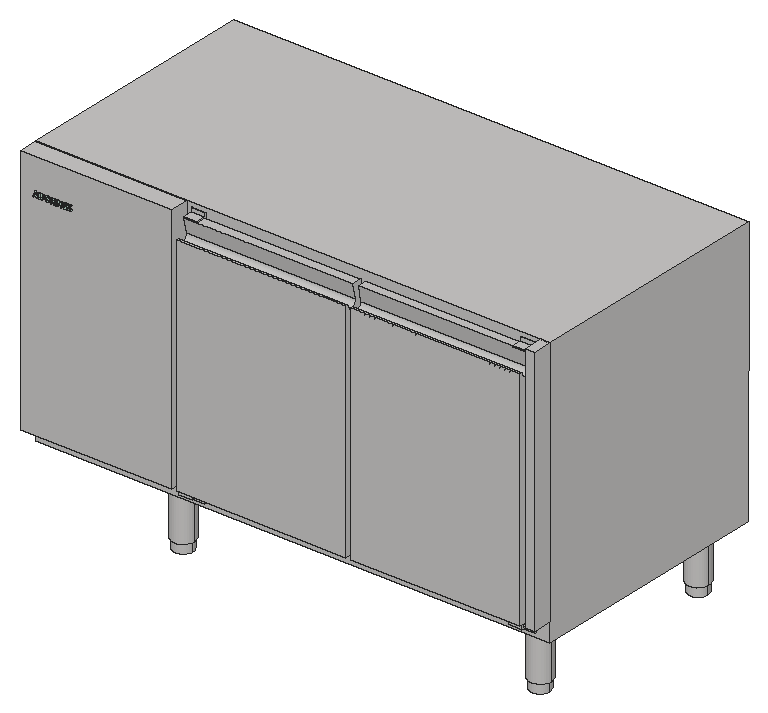
Revit family "QF_ALPENINOX_712195_AK2F7AA", category Specialty Equipment, Revit 2018
Family settings
  Round Connector Dimension = Use Diameter
  Part Type = Normal
  Work Plane-Based = No
  Always vertical = Yes
  Cut with Voids When Loaded = No
  Shared = No
  Room Calculation Point = No
Parameters
  Weight = 0.00 kg
  Watts = 45.5225 W
  Volts = 220 V
  URL Manufacturer = "http://www.alpeninox.com"
  URL = "http://www.alpeninox.com"
  Steam Supply Size = 0 mm
  Steam Supply Minimum Pressure = 0.0 Pa
  Steam Supply Maximum Pressure = 0.0 Pa
  Steam Pounds per Hour = 0
  Refrigeration Suction Line Size = 0 mm
  Refrigeration Liquid Line Size = 0 mm
  Refrigerant Compressor Remote = yes
  Manufacturer = "Alpeninox"
  Phase = 1
  Model = "AK2F7AA"
  Length Actual = 1341 mm  # constant formula
  Length = 1341 mm
  Item Number = "712195"
  Hot Water Size = 0 mm
  Height Actual = 850 mm  # constant formula
  Height = 700 mm
  HP = "0.7 HP"
  Gas Size = 0 mm
  Gas KW = 0
  Gas Input Pressure = 0 W
  Depth Actual = 700 mm  # constant formula
  Depth = 695 mm
  Description = "2 DOOR FREEZER TABLE -20C NO TOP"
  Cycle = 50 Hz
  Condensate Return Size = 0 mm
  Compressed Air Volume = 0.0 L/s
  Compressed Air Size = 0 mm
  Compressed Air Pressure = 0.0 Pa
  Cold Water Size = 0 mm
  Accessory = yes
Reference planes
  plane 1: z = 0
  plane 2 "Center (Left/Right)": x = -126.5
  plane 3 "Center (Front/Back)": y = 64.5
  plane 4 "FEET": z = 150
  plane 5 "TOP": z = 900
  plane 6 "PLAIN": z = 850
  plane 7 "EI_back": y = 359
  plane 8 "EI_left": x = -731
  plane 9 "BACK": y = 412
  plane 10 "FRONT": y = -283
  plane 11 "DOOR": y = -233
  plane 12 "LEFT": x = -797
  plane 13 "RIGHT": x = 544
  plane 14: x = -772
  plane 15: x = 519
Forms (mm)
  Extrusion 1, solid, material "QF_Finishes_Stainless Steel"
    sketch origin (-1022.223, -1524, 150) x (-1, 0, 0) y (0, -1, 0)
      loop
        circle (-291.223, -1883) r 5
    from 0 to -40
  Extrusion 2, solid, material "QF_Finishes_Stainless Steel"
    sketch origin (-1022.223, -1524, 150) x (-1, 0, 0) y (0, -1, 0)
      loop
        line (-1541.223, -1291) -> (-1541.223, -1241) -> (-1566.223, -1241) -> (-1566.223, -1291) -> (-1541.223, -1291)
    from 48 to 700 <- "Height"
  Extrusion 3, solid, material "QF_Finishes_Stainless Steel"
    sketch origin (-1022.223, -1524, 150) x (-1, 0, 0) y (0, -1, 0)
      loop
        line (-225.223, -1936) -> (-225.223, -1291) -> (-1566.223, -1291) -> (-1566.223, -1936) -> (-225.223, -1936)
    from 0 to 700 <- "Height"
Lines and regions (mm)
  symbolic lines, style "SpecialityEquipmentHiddenLines"
    curve 1: line (-797, 412, 150) -> (544, 412, 150)
    curve 2: line (-797, -283, 150) -> (-797, 412, 150)
    curve 3: line (544, -283, 150) -> (-797, -283, 150)
    curve 4: line (544, 412, 150) -> (544, -283, 150)
    curve 5: line (-797, -233, 150) -> (544, -233, 150)
    curve 6: line (519, -283, 150) -> (519, -233, 150)
Dimensions and locks
  plane 4 "FEET" to level = 150 mm
  plane 11 "DOOR" to plane 10 "FRONT" = 50 mm
  "Height": plane 6 "PLAIN" to plane 4 "FEET"
  plane 5 "TOP" to plane 6 "PLAIN" = 50 mm
  plane 12 "LEFT" to plane 14 = 25 mm
  plane 15 to plane 13 "RIGHT" = 25 mm
  plane 9 "BACK" to plane 7 "EI_back" = 53 mm
  plane 12 "LEFT" to plane 8 "EI_left" = 66 mm
  "Length": plane 12 "LEFT" to plane 13 "RIGHT"
  equal spacing: plane 12 "LEFT", plane 2 "Center (Left/Right)", plane 13 "RIGHT"
  "Depth": plane 9 "BACK" to plane 10 "FRONT"
  equal spacing: plane 9 "BACK", plane 3 "Center (Front/Back)", plane 10 "FRONT"
  aligned and locked: level to plane 1
Automatic sketch dimensions
  Extrusion 1 sketch curve to plane 7 "EI_back" = 0 mm
  Extrusion 1 sketch curve to plane 8 "EI_left" = 0 mm
  Extrusion 2 sketch curve to plane 11 "DOOR" = 0 mm
  Extrusion 2 sketch curve to plane 13 "RIGHT" = 0 mm
  Extrusion 2 sketch curve to plane 10 "FRONT" = 0 mm
  Extrusion 2 sketch curve to plane 15 = 0 mm
  Extrusion 3 sketch curve to plane 9 "BACK" = 0 mm
  Extrusion 3 sketch curve to plane 13 "RIGHT" = 0 mm
  Extrusion 3 sketch curve to plane 11 "DOOR" = 0 mm
  Extrusion 3 sketch curve to plane 12 "LEFT" = 0 mm
  curve 1 to plane 13 "RIGHT" = 0 mm
  curve 6 to plane 10 "FRONT" = 0 mm
  curve 6 to plane 15 = 0 mm
  curve 5 to plane 12 "LEFT" = 0 mm
  curve 6 to plane 11 "DOOR" = 0 mm
  curve 1 to plane 9 "BACK" = 0 mm
  radius of Extrusion 1 sketch curve = 5 mm
Nested families
  nested 1: "Freezer" at (544, -283, 0), type "Freezer"
  nested 2: "FEET" at (-452, 331, 0), type "FEET"
  nested 3: "FEET" at (478, 331, 0), type "FEET"
  nested 4: "FEET" at (-452, -183, 0), type "FEET"
  nested 5: "FEET" at (478, -183, 0), type "FEET"
  nested 6: "APX_BI_BT_L" at (-590.08, -233, 598) x (1, 0, 0) z (0, -1, 0), type "APX_BI_BT_L"
    with Show Logo yes
  nested 7: "APX_SD_L" at (-169, -233, 512) x (1, 0, 0) z (0, -1, 0), type "APX_SD_L"
    with Show Clearance yes
  nested 8: "APX_SD_R" at (285, -233, 512) x (1, 0, 0) z (0, -1, 0), type "APX_SD_R"
    with Show Clearance yes
Connectors
  electrical at (-731, 359, 110), driven by "Volts"
    settings: on Extrusion 1, index 1, voltage 220 V, apparent load 0 VA, apparent load phase1 0 VA, apparent load phase2 0 VA, apparent load phase3 0 VA, power factor 1, load classification "Other", number of poles 1, system type 31, power factor state 1, is connector primary yes, connector utility no, sub classification motor no, connector description "Electrical Connection"
Definition of nested family "FEET"
  Parameters
    FEET = 150 mm
  Reference planes
    plane 1 "Center (Front/Back)": y = 0
    plane 2: z = 0
    plane 3 "Center (Left/Right)": x = 0
    plane 4: z = 150
  Forms (mm)
    Revolve 1, solid
      sketch origin (255.05, 0, 608.09) x (0, 0, 1) y (-1, 0, 0)
        loop
          line (-608.09, 255.05) -> (-608.09, 230.05) -> (-583.09, 230.05) -> (-583.09, 226.05) -> (-458.09, 226.05) -> (-458.09, 255.05) -> (-608.09, 255.05)
        axis (-608.09, 255.05) -> (-458.09, 255.05)
      angle from 0 to 360
  Dimensions and locks
    locked: Revolve 1 sketch curve to Revolve 1 sketch curve at 125
    "FEET": plane 4 to plane 2
    aligned and locked: level to plane 2
    aligned and locked: plane 4 to Revolve 1 sketch curve
    aligned and locked: Revolve 1 sketch curve to level
    aligned and locked: plane 3 "Center (Left/Right)" to Revolve 1 sketch curve
  Automatic sketch dimensions
    Revolve 1 sketch curve to plane 3 "Center (Left/Right)" = 0 mm
    Revolve 1 sketch curve to Revolve 1 sketch curve = 25 mm
    Revolve 1 sketch curve to Revolve 1 sketch curve = 29 mm
    plane 4 to Revolve 1 sketch curve = 50 mm
    Revolve 1 sketch curve to Revolve 1 sketch curve = 20 mm
Definition of nested family "APX_BI_BT_L"
  Parameters
    Show Logo [instance] = yes
    Default Elevation = 1219.2 mm
  Reference planes
    plane 1 "Center (Front/Back)": y = -74
    plane 2: z = 0
    plane 3 "Center (Left/Right)": x = -9.92
    plane 4: x = -206.92
    plane 5: x = 187.08
    plane 6: y = 252
    plane 7: y = -400
  Forms (mm)
    Extrusion 1, solid
      sketch origin (0, 0, 0) x (1, 0, 0) y (0, 1, 0)
        loop
          line (-1219.2, 1219.2) -> (-1219.2, -1219.2) -> (1219.2, -1219.2) -> (1219.2, 1219.2) -> (-1219.2, 1219.2)
      from 0 to -304.8
    Extrusion 2, solid
      sketch origin (0, 0, 0) x (1, 0, 0) y (0, 1, 0)
        loop
          line (-206.92, 252) -> (-206.92, -400) -> (187.08, -400) -> (187.08, 252) -> (-206.92, 252)
      from 0 to 50
    Extrusion 3, solid, not visible
      sketch origin (0, 0, 0) x (1, 0, 0) y (0, 1, 0)
        loop
          line (-206.92, 252) -> (-206.92, -400) -> (87.08, -400) -> (87.08, 252) -> (-206.92, 252)
      from 0 to 50
    Extrusion 4, solid
      sketch origin (0, -0.336, 0) x (1, 0, 0) y (0, 1, 0)
        loop
          line (-168.675, 170.349) -> (-172.411, 160.318)
          arc (-172.411, 160.318) -> (-171.624, 158.497) -> (-169.837, 159.36) r 1.374
          line (-169.837, 159.36) -> (-169.268, 161.111) -> (-164.1, 161.111) -> (-163.54, 159.379)
          arc (-163.54, 159.379) -> (-161.802, 158.542) -> (-161.049, 160.318) r 1.333
          line (-161.049, 160.318) -> (-164.694, 170.349)
          arc (-164.694, 170.349) -> (-166.685, 171.876) -> (-168.675, 170.349) r 2.06
        loop
          line (-166.681, 169.055) -> (-168.469, 163.655) -> (-164.935, 163.655) -> (-166.681, 169.055)
        loop
          arc (-159.705, 160.042) -> (-159.262, 158.973) -> (-158.194, 158.531) r 1.512
          line (-158.194, 158.531) -> (-153.608, 158.531)
          arc (-153.608, 158.531) -> (-152.337, 159.802) -> (-153.608, 161.074) r 1.272
          line (-153.608, 161.074) -> (-156.917, 161.074) -> (-156.917, 170.328)
          arc (-156.917, 170.328) -> (-158.311, 171.722) -> (-159.705, 170.328) r 1.394
          line (-159.705, 170.328) -> (-159.705, 160.042)
        loop
          line (-151.076, 170.218) -> (-151.076, 159.859)
          arc (-151.076, 159.859) -> (-149.683, 158.466) -> (-148.29, 159.859) r 1.393
          line (-148.29, 159.859) -> (-148.29, 162.882) -> (-146.225, 162.882)
          arc (-146.225, 162.882) -> (-142.999, 163.859) -> (-141.608, 166.928) r 4.082
          arc (-141.608, 166.928) -> (-142.993, 170.272) -> (-146.336, 171.657) r 4.728
          line (-146.336, 171.657) -> (-149.638, 171.657)
          arc (-149.638, 171.657) -> (-150.655, 171.235) -> (-151.076, 170.218) r 1.439
        loop
          line (-148.29, 165.313) -> (-146.388, 165.313)
          arc (-146.388, 165.313) -> (-144.433, 167.268) -> (-146.388, 169.222) r 1.955
          line (-146.388, 169.222) -> (-148.29, 169.222) -> (-148.29, 165.313)
        loop
          arc (-131.184, 166.332) -> (-132.004, 168.2) -> (-133.767, 169.228) r 3.3
          arc (-133.767, 169.228) -> (-136.353, 168.661) -> (-137.611, 166.332) r 3.176
          line (-137.611, 166.332) -> (-131.184, 166.332)
        loop
          line (-137.538, 163.743) -> (-130.544, 163.743)
          arc (-130.544, 163.743) -> (-129.292, 163.916) -> (-128.301, 164.701) r 2.4
          arc (-128.301, 164.701) -> (-128.155, 165.545) -> (-128.212, 166.399) r 3.635
          arc (-128.212, 166.399) -> (-130.364, 170.162) -> (-134.39, 171.769) r 6.579
          arc (-134.39, 171.769) -> (-138.918, 169.706) -> (-140.661, 165.044) r 6.501
          arc (-140.661, 165.044) -> (-139.276, 160.789) -> (-135.401, 158.549) r 6.252
          arc (-135.401, 158.549) -> (-132.922, 158.526) -> (-130.544, 159.232) r 8.361
          arc (-130.544, 159.232) -> (-129.466, 159.781) -> (-128.641, 160.666) r 3.486
          arc (-128.641, 160.666) -> (-128.419, 161.592) -> (-128.828, 162.451) r 1.425
          arc (-128.828, 162.451) -> (-129.368, 162.762) -> (-129.99, 162.762) r 1.203
          arc (-129.99, 162.762) -> (-130.406, 162.59) -> (-130.764, 162.316) r 1.724
          arc (-130.764, 162.316) -> (-131.666, 161.705) -> (-132.646, 161.229) r 7.6
          arc (-132.646, 161.229) -> (-135.676, 161.35) -> (-137.538, 163.743) r 3.6
        loop
          line (-126.669, 170.328) -> (-126.669, 159.859)
          arc (-126.669, 159.859) -> (-125.273, 158.463) -> (-123.878, 159.859) r 1.396
          line (-123.878, 159.859) -> (-123.878, 166.785) -> (-117.946, 159.029)
          arc (-117.946, 159.029) -> (-116.361, 158.51) -> (-115.379, 159.859) r 1.417
          line (-115.379, 159.859) -> (-115.379, 170.328)
          arc (-115.379, 170.328) -> (-116.774, 171.723) -> (-118.169, 170.328) r 1.395
          line (-118.169, 170.328) -> (-118.169, 163.311) -> (-124.101, 171.157)
          arc (-124.101, 171.157) -> (-125.687, 171.678) -> (-126.669, 170.328) r 1.418
        loop
          arc (-113.636, 159.859) -> (-112.241, 158.464) -> (-110.847, 159.859) r 1.394
          line (-110.847, 159.859) -> (-110.847, 170.328)
          arc (-110.847, 170.328) -> (-112.241, 171.723) -> (-113.636, 170.328) r 1.394
          line (-113.636, 170.328) -> (-113.636, 159.859)
        loop
          line (-109.102, 170.328) -> (-109.102, 159.859)
          arc (-109.102, 159.859) -> (-107.706, 158.463) -> (-106.31, 159.859) r 1.396
          line (-106.31, 159.859) -> (-106.31, 166.785) -> (-100.378, 159.029)
          arc (-100.378, 159.029) -> (-98.793, 158.51) -> (-97.812, 159.859) r 1.417
          line (-97.812, 159.859) -> (-97.812, 170.328)
          arc (-97.812, 170.328) -> (-99.207, 171.723) -> (-100.602, 170.328) r 1.395
          line (-100.602, 170.328) -> (-100.602, 163.311) -> (-106.533, 171.157)
          arc (-106.533, 171.157) -> (-108.119, 171.678) -> (-109.102, 170.328) r 1.418
        loop
          arc (-96.345, 165.093) -> (-95.619, 161.877) -> (-93.467, 159.379) r 6.806
          arc (-93.467, 159.379) -> (-91.792, 158.566) -> (-89.948, 158.31) r 5.956
          arc (-89.948, 158.31) -> (-88.104, 158.566) -> (-86.43, 159.379) r 5.956
          arc (-86.43, 159.379) -> (-84.277, 161.877) -> (-83.551, 165.093) r 6.806
          arc (-83.551, 165.093) -> (-84.277, 168.31) -> (-86.43, 170.808) r 6.806
          arc (-86.43, 170.808) -> (-88.104, 171.621) -> (-89.948, 171.877) r 5.956
          arc (-89.948, 171.877) -> (-91.792, 171.621) -> (-93.467, 170.808) r 5.956
          arc (-93.467, 170.808) -> (-95.619, 168.31) -> (-96.345, 165.093) r 6.806
        loop
          arc (-93.425, 165.093) -> (-93.138, 163.212) -> (-92.081, 161.629) r 4.387
          arc (-92.081, 161.629) -> (-91.087, 161.049) -> (-89.948, 160.881) r 3.035
          arc (-89.948, 160.881) -> (-88.809, 161.049) -> (-87.815, 161.629) r 3.035
          arc (-87.815, 161.629) -> (-86.759, 163.212) -> (-86.472, 165.093) r 4.387
          arc (-86.472, 165.093) -> (-86.759, 166.975) -> (-87.815, 168.558) r 4.387
          arc (-87.815, 168.558) -> (-88.809, 169.138) -> (-89.948, 169.306) r 3.035
          arc (-89.948, 169.306) -> (-91.087, 169.138) -> (-92.081, 168.558) r 3.035
          arc (-92.081, 168.558) -> (-93.138, 166.975) -> (-93.425, 165.093) r 4.387
        loop
          line (-83.139, 169.609) -> (-80.126, 165.552) -> (-83.81, 160.652)
          arc (-83.81, 160.652) -> (-83.512, 158.692) -> (-81.559, 159.029) r 1.388
          line (-81.559, 159.029) -> (-78.51, 163.232) -> (-75.461, 159.029)
          arc (-75.461, 159.029) -> (-73.507, 158.692) -> (-73.21, 160.652) r 1.388
          line (-73.21, 160.652) -> (-76.894, 165.552) -> (-73.881, 169.609)
          arc (-73.881, 169.609) -> (-74.249, 171.597) -> (-76.205, 171.084) r 1.38
          line (-76.205, 171.084) -> (-78.51, 167.841) -> (-80.815, 171.084)
          arc (-80.815, 171.084) -> (-82.771, 171.597) -> (-83.139, 169.609) r 1.38
      from 50 to 51.6
  Lines and regions (mm)
    Split face 1
      outline origin (-138, 0, 50) x (1, 0, 0) y (0, 1, 0)
        loop
          line (94.58, 177) -> (94.58, 154) -> (164.58, 154) -> (164.58, 177) -> (94.58, 177)
    Split face 2
      outline origin (-138, 0, 50) x (1, 0, 0) y (0, 1, 0)
        loop
          line (144.58, 174) -> (144.58, 157) -> (161.58, 157) -> (161.58, 174) -> (144.58, 174)
    Split face 3
      outline origin (0, 0, 50) x (1, 0, 0) y (0, 1, 0)
        loop
          line (-206.92, 188) -> (187.08, 188)
    Split face 4
      outline origin (-5, 0, 50) x (1, 0, 0) y (0, 1, 0)
        loop
          arc (-163.464, 131.824) -> (-167.464, 127.824) -> (-163.464, 123.824) r 4
          line (-163.464, 123.824) -> (-121.464, 123.824)
          arc (-121.464, 123.824) -> (-117.464, 127.824) -> (-121.464, 131.824) r 4
          line (-121.464, 131.824) -> (-163.464, 131.824)
    Split face 5
      outline origin (325, 0, 50) x (1, 0, 0) y (0, 1, 0)
        loop
          arc (-328.464, 131.824) -> (-332.464, 127.824) -> (-328.464, 123.824) r 4
          line (-328.464, 123.824) -> (-286.464, 123.824)
          arc (-286.464, 123.824) -> (-282.464, 127.824) -> (-286.464, 131.824) r 4
          line (-286.464, 131.824) -> (-328.464, 131.824)
    Split face 6
      outline origin (105, 0, 50) x (1, 0, 0) y (0, 1, 0)
        loop
          arc (-218.464, 131.824) -> (-222.464, 127.824) -> (-218.464, 123.824) r 4
          line (-218.464, 123.824) -> (-176.464, 123.824)
          arc (-176.464, 123.824) -> (-172.464, 127.824) -> (-176.464, 131.824) r 4
          line (-176.464, 131.824) -> (-218.464, 131.824)
    Split face 7
      outline origin (215, 0, 50) x (1, 0, 0) y (0, 1, 0)
        loop
          arc (-273.464, 131.824) -> (-277.464, 127.824) -> (-273.464, 123.824) r 4
          line (-273.464, 123.824) -> (-231.464, 123.824)
          arc (-231.464, 123.824) -> (-227.464, 127.824) -> (-231.464, 131.824) r 4
          line (-231.464, 131.824) -> (-273.464, 131.824)
    Split face 8, not visible
      outline origin (0, 0, 50) x (1, 0, 0) y (0, 1, 0)
        loop
          arc (-163.464, 131.824) -> (-167.464, 127.824) -> (-163.464, 123.824) r 4
          line (-163.464, 123.824) -> (-121.464, 123.824)
          arc (-121.464, 123.824) -> (-117.464, 127.824) -> (-121.464, 131.824) r 4
          line (-121.464, 131.824) -> (-163.464, 131.824)
    Split face 9
      outline origin (-5, -24, 50) x (1, 0, 0) y (0, 1, 0)
        loop
          arc (-163.464, 143.824) -> (-167.464, 139.824) -> (-163.464, 135.824) r 4
          line (-163.464, 135.824) -> (-121.464, 135.824)
          arc (-121.464, 135.824) -> (-117.464, 139.824) -> (-121.464, 143.824) r 4
          line (-121.464, 143.824) -> (-163.464, 143.824)
    Split face 10
      outline origin (325, -24, 50) x (1, 0, 0) y (0, 1, 0)
        loop
          arc (-328.464, 143.824) -> (-332.464, 139.824) -> (-328.464, 135.824) r 4
          line (-328.464, 135.824) -> (-286.464, 135.824)
          arc (-286.464, 135.824) -> (-282.464, 139.824) -> (-286.464, 143.824) r 4
          line (-286.464, 143.824) -> (-328.464, 143.824)
    Split face 11
      outline origin (105, -24, 50) x (1, 0, 0) y (0, 1, 0)
        loop
          arc (-218.464, 143.824) -> (-222.464, 139.824) -> (-218.464, 135.824) r 4
          line (-218.464, 135.824) -> (-176.464, 135.824)
          arc (-176.464, 135.824) -> (-172.464, 139.824) -> (-176.464, 143.824) r 4
          line (-176.464, 143.824) -> (-218.464, 143.824)
    Split face 12
      outline origin (215, -24, 50) x (1, 0, 0) y (0, 1, 0)
        loop
          arc (-273.464, 143.824) -> (-277.464, 139.824) -> (-273.464, 135.824) r 4
          line (-273.464, 135.824) -> (-231.464, 135.824)
          arc (-231.464, 135.824) -> (-227.464, 139.824) -> (-231.464, 143.824) r 4
          line (-231.464, 143.824) -> (-273.464, 143.824)
    Split face 13
      outline origin (-5, -48, 50) x (1, 0, 0) y (0, 1, 0)
        loop
          arc (-163.464, 155.824) -> (-167.464, 151.824) -> (-163.464, 147.824) r 4
          line (-163.464, 147.824) -> (-121.464, 147.824)
          arc (-121.464, 147.824) -> (-117.464, 151.824) -> (-121.464, 155.824) r 4
          line (-121.464, 155.824) -> (-163.464, 155.824)
    Split face 14
      outline origin (325, -48, 50) x (1, 0, 0) y (0, 1, 0)
        loop
          arc (-328.464, 155.824) -> (-332.464, 151.824) -> (-328.464, 147.824) r 4
          line (-328.464, 147.824) -> (-286.464, 147.824)
          arc (-286.464, 147.824) -> (-282.464, 151.824) -> (-286.464, 155.824) r 4
          line (-286.464, 155.824) -> (-328.464, 155.824)
    Split face 15
      outline origin (105, -48, 50) x (1, 0, 0) y (0, 1, 0)
        loop
          arc (-218.464, 155.824) -> (-222.464, 151.824) -> (-218.464, 147.824) r 4
          line (-218.464, 147.824) -> (-176.464, 147.824)
          arc (-176.464, 147.824) -> (-172.464, 151.824) -> (-176.464, 155.824) r 4
          line (-176.464, 155.824) -> (-218.464, 155.824)
    Split face 16
      outline origin (215, -48, 50) x (1, 0, 0) y (0, 1, 0)
        loop
          arc (-273.464, 155.824) -> (-277.464, 151.824) -> (-273.464, 147.824) r 4
          line (-273.464, 147.824) -> (-231.464, 147.824)
          arc (-231.464, 147.824) -> (-227.464, 151.824) -> (-231.464, 155.824) r 4
          line (-231.464, 155.824) -> (-273.464, 155.824)
    Split face 17
      outline origin (-5, -72, 50) x (1, 0, 0) y (0, 1, 0)
        loop
          arc (-163.464, 167.824) -> (-167.464, 163.824) -> (-163.464, 159.824) r 4
          line (-163.464, 159.824) -> (-121.464, 159.824)
          arc (-121.464, 159.824) -> (-117.464, 163.824) -> (-121.464, 167.824) r 4
          line (-121.464, 167.824) -> (-163.464, 167.824)
    Split face 18
      outline origin (325, -72, 50) x (1, 0, 0) y (0, 1, 0)
        loop
          arc (-328.464, 167.824) -> (-332.464, 163.824) -> (-328.464, 159.824) r 4
          line (-328.464, 159.824) -> (-286.464, 159.824)
          arc (-286.464, 159.824) -> (-282.464, 163.824) -> (-286.464, 167.824) r 4
          line (-286.464, 167.824) -> (-328.464, 167.824)
    Split face 19
      outline origin (105, -72, 50) x (1, 0, 0) y (0, 1, 0)
        loop
          arc (-218.464, 167.824) -> (-222.464, 163.824) -> (-218.464, 159.824) r 4
          line (-218.464, 159.824) -> (-176.464, 159.824)
          arc (-176.464, 159.824) -> (-172.464, 163.824) -> (-176.464, 167.824) r 4
          line (-176.464, 167.824) -> (-218.464, 167.824)
    Split face 20
      outline origin (215, -72, 50) x (1, 0, 0) y (0, 1, 0)
        loop
          arc (-273.464, 167.824) -> (-277.464, 163.824) -> (-273.464, 159.824) r 4
          line (-273.464, 159.824) -> (-231.464, 159.824)
          arc (-231.464, 159.824) -> (-227.464, 163.824) -> (-231.464, 167.824) r 4
          line (-231.464, 167.824) -> (-273.464, 167.824)
    Split face 21
      outline origin (-5, -96, 50) x (1, 0, 0) y (0, 1, 0)
        loop
          arc (-163.464, 179.824) -> (-167.464, 175.824) -> (-163.464, 171.824) r 4
          line (-163.464, 171.824) -> (-121.464, 171.824)
          arc (-121.464, 171.824) -> (-117.464, 175.824) -> (-121.464, 179.824) r 4
          line (-121.464, 179.824) -> (-163.464, 179.824)
    Split face 22
      outline origin (325, -96, 50) x (1, 0, 0) y (0, 1, 0)
        loop
          arc (-328.464, 179.824) -> (-332.464, 175.824) -> (-328.464, 171.824) r 4
          line (-328.464, 171.824) -> (-286.464, 171.824)
          arc (-286.464, 171.824) -> (-282.464, 175.824) -> (-286.464, 179.824) r 4
          line (-286.464, 179.824) -> (-328.464, 179.824)
    Split face 23
      outline origin (105, -96, 50) x (1, 0, 0) y (0, 1, 0)
        loop
          arc (-218.464, 179.824) -> (-222.464, 175.824) -> (-218.464, 171.824) r 4
          line (-218.464, 171.824) -> (-176.464, 171.824)
          arc (-176.464, 171.824) -> (-172.464, 175.824) -> (-176.464, 179.824) r 4
          line (-176.464, 179.824) -> (-218.464, 179.824)
    Split face 24
      outline origin (215, -96, 50) x (1, 0, 0) y (0, 1, 0)
        loop
          arc (-273.464, 179.824) -> (-277.464, 175.824) -> (-273.464, 171.824) r 4
          line (-273.464, 171.824) -> (-231.464, 171.824)
          arc (-231.464, 171.824) -> (-227.464, 175.824) -> (-231.464, 179.824) r 4
          line (-231.464, 179.824) -> (-273.464, 179.824)
    Split face 25
      outline origin (-5, -120, 50) x (1, 0, 0) y (0, 1, 0)
        loop
          arc (-163.464, 191.824) -> (-167.464, 187.824) -> (-163.464, 183.824) r 4
          line (-163.464, 183.824) -> (-121.464, 183.824)
          arc (-121.464, 183.824) -> (-117.464, 187.824) -> (-121.464, 191.824) r 4
          line (-121.464, 191.824) -> (-163.464, 191.824)
    Split face 26
      outline origin (325, -120, 50) x (1, 0, 0) y (0, 1, 0)
        loop
          arc (-328.464, 191.824) -> (-332.464, 187.824) -> (-328.464, 183.824) r 4
          line (-328.464, 183.824) -> (-286.464, 183.824)
          arc (-286.464, 183.824) -> (-282.464, 187.824) -> (-286.464, 191.824) r 4
          line (-286.464, 191.824) -> (-328.464, 191.824)
    Split face 27
      outline origin (105, -120, 50) x (1, 0, 0) y (0, 1, 0)
        loop
          arc (-218.464, 191.824) -> (-222.464, 187.824) -> (-218.464, 183.824) r 4
          line (-218.464, 183.824) -> (-176.464, 183.824)
          arc (-176.464, 183.824) -> (-172.464, 187.824) -> (-176.464, 191.824) r 4
          line (-176.464, 191.824) -> (-218.464, 191.824)
    Split face 28
      outline origin (215, -120, 50) x (1, 0, 0) y (0, 1, 0)
        loop
          arc (-273.464, 191.824) -> (-277.464, 187.824) -> (-273.464, 183.824) r 4
          line (-273.464, 183.824) -> (-231.464, 183.824)
          arc (-231.464, 183.824) -> (-227.464, 187.824) -> (-231.464, 191.824) r 4
          line (-231.464, 191.824) -> (-273.464, 191.824)
    Split face 29
      outline origin (-5, -144, 50) x (1, 0, 0) y (0, 1, 0)
        loop
          arc (-163.464, 203.824) -> (-167.464, 199.824) -> (-163.464, 195.824) r 4
          line (-163.464, 195.824) -> (-121.464, 195.824)
          arc (-121.464, 195.824) -> (-117.464, 199.824) -> (-121.464, 203.824) r 4
          line (-121.464, 203.824) -> (-163.464, 203.824)
    Split face 30
      outline origin (325, -144, 50) x (1, 0, 0) y (0, 1, 0)
        loop
          arc (-328.464, 203.824) -> (-332.464, 199.824) -> (-328.464, 195.824) r 4
          line (-328.464, 195.824) -> (-286.464, 195.824)
          arc (-286.464, 195.824) -> (-282.464, 199.824) -> (-286.464, 203.824) r 4
          line (-286.464, 203.824) -> (-328.464, 203.824)
    Split face 31
      outline origin (105, -144, 50) x (1, 0, 0) y (0, 1, 0)
        loop
          arc (-218.464, 203.824) -> (-222.464, 199.824) -> (-218.464, 195.824) r 4
          line (-218.464, 195.824) -> (-176.464, 195.824)
          arc (-176.464, 195.824) -> (-172.464, 199.824) -> (-176.464, 203.824) r 4
          line (-176.464, 203.824) -> (-218.464, 203.824)
    Split face 32
      outline origin (215, -144, 50) x (1, 0, 0) y (0, 1, 0)
        loop
          arc (-273.464, 203.824) -> (-277.464, 199.824) -> (-273.464, 195.824) r 4
          line (-273.464, 195.824) -> (-231.464, 195.824)
          arc (-231.464, 195.824) -> (-227.464, 199.824) -> (-231.464, 203.824) r 4
          line (-231.464, 203.824) -> (-273.464, 203.824)
    Split face 33
      outline origin (-5, -168, 50) x (1, 0, 0) y (0, 1, 0)
        loop
          arc (-163.464, 215.824) -> (-167.464, 211.824) -> (-163.464, 207.824) r 4
          line (-163.464, 207.824) -> (-121.464, 207.824)
          arc (-121.464, 207.824) -> (-117.464, 211.824) -> (-121.464, 215.824) r 4
          line (-121.464, 215.824) -> (-163.464, 215.824)
    Split face 34
      outline origin (325, -168, 50) x (1, 0, 0) y (0, 1, 0)
        loop
          arc (-328.464, 215.824) -> (-332.464, 211.824) -> (-328.464, 207.824) r 4
          line (-328.464, 207.824) -> (-286.464, 207.824)
          arc (-286.464, 207.824) -> (-282.464, 211.824) -> (-286.464, 215.824) r 4
          line (-286.464, 215.824) -> (-328.464, 215.824)
    Split face 35
      outline origin (105, -168, 50) x (1, 0, 0) y (0, 1, 0)
        loop
          arc (-218.464, 215.824) -> (-222.464, 211.824) -> (-218.464, 207.824) r 4
          line (-218.464, 207.824) -> (-176.464, 207.824)
          arc (-176.464, 207.824) -> (-172.464, 211.824) -> (-176.464, 215.824) r 4
          line (-176.464, 215.824) -> (-218.464, 215.824)
    Split face 36
      outline origin (215, -168, 50) x (1, 0, 0) y (0, 1, 0)
        loop
          arc (-273.464, 215.824) -> (-277.464, 211.824) -> (-273.464, 207.824) r 4
          line (-273.464, 207.824) -> (-231.464, 207.824)
          arc (-231.464, 207.824) -> (-227.464, 211.824) -> (-231.464, 215.824) r 4
          line (-231.464, 215.824) -> (-273.464, 215.824)
    Split face 37
      outline origin (-5, -192, 50) x (1, 0, 0) y (0, 1, 0)
        loop
          arc (-163.464, 227.824) -> (-167.464, 223.824) -> (-163.464, 219.824) r 4
          line (-163.464, 219.824) -> (-121.464, 219.824)
          arc (-121.464, 219.824) -> (-117.464, 223.824) -> (-121.464, 227.824) r 4
          line (-121.464, 227.824) -> (-163.464, 227.824)
    Split face 38
      outline origin (325, -192, 50) x (1, 0, 0) y (0, 1, 0)
        loop
          arc (-328.464, 227.824) -> (-332.464, 223.824) -> (-328.464, 219.824) r 4
          line (-328.464, 219.824) -> (-286.464, 219.824)
          arc (-286.464, 219.824) -> (-282.464, 223.824) -> (-286.464, 227.824) r 4
          line (-286.464, 227.824) -> (-328.464, 227.824)
    Split face 39
      outline origin (105, -192, 50) x (1, 0, 0) y (0, 1, 0)
        loop
          arc (-218.464, 227.824) -> (-222.464, 223.824) -> (-218.464, 219.824) r 4
          line (-218.464, 219.824) -> (-176.464, 219.824)
          arc (-176.464, 219.824) -> (-172.464, 223.824) -> (-176.464, 227.824) r 4
          line (-176.464, 227.824) -> (-218.464, 227.824)
    Split face 40
      outline origin (215, -192, 50) x (1, 0, 0) y (0, 1, 0)
        loop
          arc (-273.464, 227.824) -> (-277.464, 223.824) -> (-273.464, 219.824) r 4
          line (-273.464, 219.824) -> (-231.464, 219.824)
          arc (-231.464, 219.824) -> (-227.464, 223.824) -> (-231.464, 227.824) r 4
          line (-231.464, 227.824) -> (-273.464, 227.824)
    Split face 41
      outline origin (-5, -216, 50) x (1, 0, 0) y (0, 1, 0)
        loop
          arc (-163.464, 239.824) -> (-167.464, 235.824) -> (-163.464, 231.824) r 4
          line (-163.464, 231.824) -> (-121.464, 231.824)
          arc (-121.464, 231.824) -> (-117.464, 235.824) -> (-121.464, 239.824) r 4
          line (-121.464, 239.824) -> (-163.464, 239.824)
    Split face 42
      outline origin (325, -216, 50) x (1, 0, 0) y (0, 1, 0)
        loop
          arc (-328.464, 239.824) -> (-332.464, 235.824) -> (-328.464, 231.824) r 4
          line (-328.464, 231.824) -> (-286.464, 231.824)
          arc (-286.464, 231.824) -> (-282.464, 235.824) -> (-286.464, 239.824) r 4
          line (-286.464, 239.824) -> (-328.464, 239.824)
    Split face 43
      outline origin (105, -216, 50) x (1, 0, 0) y (0, 1, 0)
        loop
          arc (-218.464, 239.824) -> (-222.464, 235.824) -> (-218.464, 231.824) r 4
          line (-218.464, 231.824) -> (-176.464, 231.824)
          arc (-176.464, 231.824) -> (-172.464, 235.824) -> (-176.464, 239.824) r 4
          line (-176.464, 239.824) -> (-218.464, 239.824)
    Split face 44
      outline origin (215, -216, 50) x (1, 0, 0) y (0, 1, 0)
        loop
          arc (-273.464, 239.824) -> (-277.464, 235.824) -> (-273.464, 231.824) r 4
          line (-273.464, 231.824) -> (-231.464, 231.824)
          arc (-231.464, 231.824) -> (-227.464, 235.824) -> (-231.464, 239.824) r 4
          line (-231.464, 239.824) -> (-273.464, 239.824)
    Split face 45
      outline origin (-5, -240, 50) x (1, 0, 0) y (0, 1, 0)
        loop
          arc (-163.464, 251.824) -> (-167.464, 247.824) -> (-163.464, 243.824) r 4
          line (-163.464, 243.824) -> (-121.464, 243.824)
          arc (-121.464, 243.824) -> (-117.464, 247.824) -> (-121.464, 251.824) r 4
          line (-121.464, 251.824) -> (-163.464, 251.824)
    Split face 46
      outline origin (325, -240, 50) x (1, 0, 0) y (0, 1, 0)
        loop
          arc (-328.464, 251.824) -> (-332.464, 247.824) -> (-328.464, 243.824) r 4
          line (-328.464, 243.824) -> (-286.464, 243.824)
          arc (-286.464, 243.824) -> (-282.464, 247.824) -> (-286.464, 251.824) r 4
          line (-286.464, 251.824) -> (-328.464, 251.824)
    Split face 47
      outline origin (105, -240, 50) x (1, 0, 0) y (0, 1, 0)
        loop
          arc (-218.464, 251.824) -> (-222.464, 247.824) -> (-218.464, 243.824) r 4
          line (-218.464, 243.824) -> (-176.464, 243.824)
          arc (-176.464, 243.824) -> (-172.464, 247.824) -> (-176.464, 251.824) r 4
          line (-176.464, 251.824) -> (-218.464, 251.824)
    Split face 48
      outline origin (215, -240, 50) x (1, 0, 0) y (0, 1, 0)
        loop
          arc (-273.464, 251.824) -> (-277.464, 247.824) -> (-273.464, 243.824) r 4
          line (-273.464, 243.824) -> (-231.464, 243.824)
          arc (-231.464, 243.824) -> (-227.464, 247.824) -> (-231.464, 251.824) r 4
          line (-231.464, 251.824) -> (-273.464, 251.824)
    Split face 49
      outline origin (-5, -264, 50) x (1, 0, 0) y (0, 1, 0)
        loop
          arc (-163.464, 263.824) -> (-167.464, 259.824) -> (-163.464, 255.824) r 4
          line (-163.464, 255.824) -> (-121.464, 255.824)
          arc (-121.464, 255.824) -> (-117.464, 259.824) -> (-121.464, 263.824) r 4
          line (-121.464, 263.824) -> (-163.464, 263.824)
    Split face 50
      outline origin (325, -264, 50) x (1, 0, 0) y (0, 1, 0)
        loop
          arc (-328.464, 263.824) -> (-332.464, 259.824) -> (-328.464, 255.824) r 4
          line (-328.464, 255.824) -> (-286.464, 255.824)
          arc (-286.464, 255.824) -> (-282.464, 259.824) -> (-286.464, 263.824) r 4
          line (-286.464, 263.824) -> (-328.464, 263.824)
    Split face 51
      outline origin (105, -264, 50) x (1, 0, 0) y (0, 1, 0)
        loop
          arc (-218.464, 263.824) -> (-222.464, 259.824) -> (-218.464, 255.824) r 4
          line (-218.464, 255.824) -> (-176.464, 255.824)
          arc (-176.464, 255.824) -> (-172.464, 259.824) -> (-176.464, 263.824) r 4
          line (-176.464, 263.824) -> (-218.464, 263.824)
    Split face 52
      outline origin (215, -264, 50) x (1, 0, 0) y (0, 1, 0)
        loop
          arc (-273.464, 263.824) -> (-277.464, 259.824) -> (-273.464, 255.824) r 4
          line (-273.464, 255.824) -> (-231.464, 255.824)
          arc (-231.464, 255.824) -> (-227.464, 259.824) -> (-231.464, 263.824) r 4
          line (-231.464, 263.824) -> (-273.464, 263.824)
    Split face 53
      outline origin (-5, -288, 50) x (1, 0, 0) y (0, 1, 0)
        loop
          arc (-163.464, 275.824) -> (-167.464, 271.824) -> (-163.464, 267.824) r 4
          line (-163.464, 267.824) -> (-121.464, 267.824)
          arc (-121.464, 267.824) -> (-117.464, 271.824) -> (-121.464, 275.824) r 4
          line (-121.464, 275.824) -> (-163.464, 275.824)
    Split face 54
      outline origin (325, -288, 50) x (1, 0, 0) y (0, 1, 0)
        loop
          arc (-328.464, 275.824) -> (-332.464, 271.824) -> (-328.464, 267.824) r 4
          line (-328.464, 267.824) -> (-286.464, 267.824)
          arc (-286.464, 267.824) -> (-282.464, 271.824) -> (-286.464, 275.824) r 4
          line (-286.464, 275.824) -> (-328.464, 275.824)
    Split face 55
      outline origin (105, -288, 50) x (1, 0, 0) y (0, 1, 0)
        loop
          arc (-218.464, 275.824) -> (-222.464, 271.824) -> (-218.464, 267.824) r 4
          line (-218.464, 267.824) -> (-176.464, 267.824)
          arc (-176.464, 267.824) -> (-172.464, 271.824) -> (-176.464, 275.824) r 4
          line (-176.464, 275.824) -> (-218.464, 275.824)
    Split face 56
      outline origin (215, -288, 50) x (1, 0, 0) y (0, 1, 0)
        loop
          arc (-273.464, 275.824) -> (-277.464, 271.824) -> (-273.464, 267.824) r 4
          line (-273.464, 267.824) -> (-231.464, 267.824)
          arc (-231.464, 267.824) -> (-227.464, 271.824) -> (-231.464, 275.824) r 4
          line (-231.464, 275.824) -> (-273.464, 275.824)
    Split face 57
      outline origin (-5, -312, 50) x (1, 0, 0) y (0, 1, 0)
        loop
          arc (-163.464, 287.824) -> (-167.464, 283.824) -> (-163.464, 279.824) r 4
          line (-163.464, 279.824) -> (-121.464, 279.824)
          arc (-121.464, 279.824) -> (-117.464, 283.824) -> (-121.464, 287.824) r 4
          line (-121.464, 287.824) -> (-163.464, 287.824)
    Split face 58
      outline origin (325, -312, 50) x (1, 0, 0) y (0, 1, 0)
        loop
          arc (-328.464, 287.824) -> (-332.464, 283.824) -> (-328.464, 279.824) r 4
          line (-328.464, 279.824) -> (-286.464, 279.824)
          arc (-286.464, 279.824) -> (-282.464, 283.824) -> (-286.464, 287.824) r 4
          line (-286.464, 287.824) -> (-328.464, 287.824)
    Split face 59
      outline origin (105, -312, 50) x (1, 0, 0) y (0, 1, 0)
        loop
          arc (-218.464, 287.824) -> (-222.464, 283.824) -> (-218.464, 279.824) r 4
          line (-218.464, 279.824) -> (-176.464, 279.824)
          arc (-176.464, 279.824) -> (-172.464, 283.824) -> (-176.464, 287.824) r 4
          line (-176.464, 287.824) -> (-218.464, 287.824)
    Split face 60
      outline origin (215, -312, 50) x (1, 0, 0) y (0, 1, 0)
        loop
          arc (-273.464, 287.824) -> (-277.464, 283.824) -> (-273.464, 279.824) r 4
          line (-273.464, 279.824) -> (-231.464, 279.824)
          arc (-231.464, 279.824) -> (-227.464, 283.824) -> (-231.464, 287.824) r 4
          line (-231.464, 287.824) -> (-273.464, 287.824)
    Split face 61
      outline origin (-5, -336, 50) x (1, 0, 0) y (0, 1, 0)
        loop
          arc (-163.464, 299.824) -> (-167.464, 295.824) -> (-163.464, 291.824) r 4
          line (-163.464, 291.824) -> (-121.464, 291.824)
          arc (-121.464, 291.824) -> (-117.464, 295.824) -> (-121.464, 299.824) r 4
          line (-121.464, 299.824) -> (-163.464, 299.824)
    Split face 62
      outline origin (325, -336, 50) x (1, 0, 0) y (0, 1, 0)
        loop
          arc (-328.464, 299.824) -> (-332.464, 295.824) -> (-328.464, 291.824) r 4
          line (-328.464, 291.824) -> (-286.464, 291.824)
          arc (-286.464, 291.824) -> (-282.464, 295.824) -> (-286.464, 299.824) r 4
          line (-286.464, 299.824) -> (-328.464, 299.824)
    Split face 63
      outline origin (105, -336, 50) x (1, 0, 0) y (0, 1, 0)
        loop
          arc (-218.464, 299.824) -> (-222.464, 295.824) -> (-218.464, 291.824) r 4
          line (-218.464, 291.824) -> (-176.464, 291.824)
          arc (-176.464, 291.824) -> (-172.464, 295.824) -> (-176.464, 299.824) r 4
          line (-176.464, 299.824) -> (-218.464, 299.824)
    Split face 64
      outline origin (215, -336, 50) x (1, 0, 0) y (0, 1, 0)
        loop
          arc (-273.464, 299.824) -> (-277.464, 295.824) -> (-273.464, 291.824) r 4
          line (-273.464, 291.824) -> (-231.464, 291.824)
          arc (-231.464, 291.824) -> (-227.464, 295.824) -> (-231.464, 299.824) r 4
          line (-231.464, 299.824) -> (-273.464, 299.824)
    Split face 65
      outline origin (-5, -360, 50) x (1, 0, 0) y (0, 1, 0)
        loop
          arc (-163.464, 311.824) -> (-167.464, 307.824) -> (-163.464, 303.824) r 4
          line (-163.464, 303.824) -> (-121.464, 303.824)
          arc (-121.464, 303.824) -> (-117.464, 307.824) -> (-121.464, 311.824) r 4
          line (-121.464, 311.824) -> (-163.464, 311.824)
    Split face 66
      outline origin (325, -360, 50) x (1, 0, 0) y (0, 1, 0)
        loop
          arc (-328.464, 311.824) -> (-332.464, 307.824) -> (-328.464, 303.824) r 4
          line (-328.464, 303.824) -> (-286.464, 303.824)
          arc (-286.464, 303.824) -> (-282.464, 307.824) -> (-286.464, 311.824) r 4
          line (-286.464, 311.824) -> (-328.464, 311.824)
    Split face 67
      outline origin (105, -360, 50) x (1, 0, 0) y (0, 1, 0)
        loop
          arc (-218.464, 311.824) -> (-222.464, 307.824) -> (-218.464, 303.824) r 4
          line (-218.464, 303.824) -> (-176.464, 303.824)
          arc (-176.464, 303.824) -> (-172.464, 307.824) -> (-176.464, 311.824) r 4
          line (-176.464, 311.824) -> (-218.464, 311.824)
    Split face 68
      outline origin (215, -360, 50) x (1, 0, 0) y (0, 1, 0)
        loop
          arc (-273.464, 311.824) -> (-277.464, 307.824) -> (-273.464, 303.824) r 4
          line (-273.464, 303.824) -> (-231.464, 303.824)
          arc (-231.464, 303.824) -> (-227.464, 307.824) -> (-231.464, 311.824) r 4
          line (-231.464, 311.824) -> (-273.464, 311.824)
    Split face 69
      outline origin (0, 0, 50) x (1, 0, 0) y (0, 1, 0)
        loop
          line (-206.92, 143) -> (187.08, 143)
    Split face 70
      outline origin (-5, -663.3, 50) x (1, 0, 0) y (0, 1, 0)
        loop
          arc (-163.464, 463.474) -> (-167.464, 459.474) -> (-163.464, 455.474) r 4
          line (-163.464, 455.474) -> (-121.464, 455.474)
          arc (-121.464, 455.474) -> (-117.464, 459.474) -> (-121.464, 463.474) r 4
          line (-121.464, 463.474) -> (-163.464, 463.474)
    Split face 71
      outline origin (325, -663.3, 50) x (1, 0, 0) y (0, 1, 0)
        loop
          arc (-328.464, 463.474) -> (-332.464, 459.474) -> (-328.464, 455.474) r 4
          line (-328.464, 455.474) -> (-286.464, 455.474)
          arc (-286.464, 455.474) -> (-282.464, 459.474) -> (-286.464, 463.474) r 4
          line (-286.464, 463.474) -> (-328.464, 463.474)
    Split face 72
      outline origin (105, -663.3, 50) x (1, 0, 0) y (0, 1, 0)
        loop
          arc (-218.464, 463.474) -> (-222.464, 459.474) -> (-218.464, 455.474) r 4
          line (-218.464, 455.474) -> (-176.464, 455.474)
          arc (-176.464, 455.474) -> (-172.464, 459.474) -> (-176.464, 463.474) r 4
          line (-176.464, 463.474) -> (-218.464, 463.474)
    Split face 73
      outline origin (215, -663.3, 50) x (1, 0, 0) y (0, 1, 0)
        loop
          arc (-273.464, 463.474) -> (-277.464, 459.474) -> (-273.464, 455.474) r 4
          line (-273.464, 455.474) -> (-231.464, 455.474)
          arc (-231.464, 455.474) -> (-227.464, 459.474) -> (-231.464, 463.474) r 4
          line (-231.464, 463.474) -> (-273.464, 463.474)
    Split face 74
      outline origin (-5, -687.3, 50) x (1, 0, 0) y (0, 1, 0)
        loop
          arc (-163.464, 475.474) -> (-167.464, 471.474) -> (-163.464, 467.474) r 4
          line (-163.464, 467.474) -> (-121.464, 467.474)
          arc (-121.464, 467.474) -> (-117.464, 471.474) -> (-121.464, 475.474) r 4
          line (-121.464, 475.474) -> (-163.464, 475.474)
    Split face 75
      outline origin (325, -687.3, 50) x (1, 0, 0) y (0, 1, 0)
        loop
          arc (-328.464, 475.474) -> (-332.464, 471.474) -> (-328.464, 467.474) r 4
          line (-328.464, 467.474) -> (-286.464, 467.474)
          arc (-286.464, 467.474) -> (-282.464, 471.474) -> (-286.464, 475.474) r 4
          line (-286.464, 475.474) -> (-328.464, 475.474)
    Split face 76
      outline origin (105, -687.3, 50) x (1, 0, 0) y (0, 1, 0)
        loop
          arc (-218.464, 475.474) -> (-222.464, 471.474) -> (-218.464, 467.474) r 4
          line (-218.464, 467.474) -> (-176.464, 467.474)
          arc (-176.464, 467.474) -> (-172.464, 471.474) -> (-176.464, 475.474) r 4
          line (-176.464, 475.474) -> (-218.464, 475.474)
    Split face 77
      outline origin (215, -687.3, 50) x (1, 0, 0) y (0, 1, 0)
        loop
          arc (-273.464, 475.474) -> (-277.464, 471.474) -> (-273.464, 467.474) r 4
          line (-273.464, 467.474) -> (-231.464, 467.474)
          arc (-231.464, 467.474) -> (-227.464, 471.474) -> (-231.464, 475.474) r 4
          line (-231.464, 475.474) -> (-273.464, 475.474)
    Split face 78
      outline origin (-5, -711.3, 50) x (1, 0, 0) y (0, 1, 0)
        loop
          arc (-163.464, 487.474) -> (-167.464, 483.474) -> (-163.464, 479.474) r 4
          line (-163.464, 479.474) -> (-121.464, 479.474)
          arc (-121.464, 479.474) -> (-117.464, 483.474) -> (-121.464, 487.474) r 4
          line (-121.464, 487.474) -> (-163.464, 487.474)
    Split face 79
      outline origin (325, -711.3, 50) x (1, 0, 0) y (0, 1, 0)
        loop
          arc (-328.464, 487.474) -> (-332.464, 483.474) -> (-328.464, 479.474) r 4
          line (-328.464, 479.474) -> (-286.464, 479.474)
          arc (-286.464, 479.474) -> (-282.464, 483.474) -> (-286.464, 487.474) r 4
          line (-286.464, 487.474) -> (-328.464, 487.474)
    Split face 80
      outline origin (105, -711.3, 50) x (1, 0, 0) y (0, 1, 0)
        loop
          arc (-218.464, 487.474) -> (-222.464, 483.474) -> (-218.464, 479.474) r 4
          line (-218.464, 479.474) -> (-176.464, 479.474)
          arc (-176.464, 479.474) -> (-172.464, 483.474) -> (-176.464, 487.474) r 4
          line (-176.464, 487.474) -> (-218.464, 487.474)
    Split face 81
      outline origin (215, -711.3, 50) x (1, 0, 0) y (0, 1, 0)
        loop
          arc (-273.464, 487.474) -> (-277.464, 483.474) -> (-273.464, 479.474) r 4
          line (-273.464, 479.474) -> (-231.464, 479.474)
          arc (-231.464, 479.474) -> (-227.464, 483.474) -> (-231.464, 487.474) r 4
          line (-231.464, 487.474) -> (-273.464, 487.474)
    Split face 82
      outline origin (-5, -735.3, 50) x (1, 0, 0) y (0, 1, 0)
        loop
          arc (-163.464, 499.474) -> (-167.464, 495.474) -> (-163.464, 491.474) r 4
          line (-163.464, 491.474) -> (-121.464, 491.474)
          arc (-121.464, 491.474) -> (-117.464, 495.474) -> (-121.464, 499.474) r 4
          line (-121.464, 499.474) -> (-163.464, 499.474)
    Split face 83
      outline origin (325, -735.3, 50) x (1, 0, 0) y (0, 1, 0)
        loop
          arc (-328.464, 499.474) -> (-332.464, 495.474) -> (-328.464, 491.474) r 4
          line (-328.464, 491.474) -> (-286.464, 491.474)
          arc (-286.464, 491.474) -> (-282.464, 495.474) -> (-286.464, 499.474) r 4
          line (-286.464, 499.474) -> (-328.464, 499.474)
    Split face 84
      outline origin (105, -735.3, 50) x (1, 0, 0) y (0, 1, 0)
        loop
          arc (-218.464, 499.474) -> (-222.464, 495.474) -> (-218.464, 491.474) r 4
          line (-218.464, 491.474) -> (-176.464, 491.474)
          arc (-176.464, 491.474) -> (-172.464, 495.474) -> (-176.464, 499.474) r 4
          line (-176.464, 499.474) -> (-218.464, 499.474)
    Split face 85
      outline origin (215, -735.3, 50) x (1, 0, 0) y (0, 1, 0)
        loop
          arc (-273.464, 499.474) -> (-277.464, 495.474) -> (-273.464, 491.474) r 4
          line (-273.464, 491.474) -> (-231.464, 491.474)
          arc (-231.464, 491.474) -> (-227.464, 495.474) -> (-231.464, 499.474) r 4
          line (-231.464, 499.474) -> (-273.464, 499.474)
    Split face 86
      outline origin (-5, -759.3, 50) x (1, 0, 0) y (0, 1, 0)
        loop
          arc (-163.464, 511.474) -> (-167.464, 507.474) -> (-163.464, 503.474) r 4
          line (-163.464, 503.474) -> (-121.464, 503.474)
          arc (-121.464, 503.474) -> (-117.464, 507.474) -> (-121.464, 511.474) r 4
          line (-121.464, 511.474) -> (-163.464, 511.474)
    Split face 87
      outline origin (325, -759.3, 50) x (1, 0, 0) y (0, 1, 0)
        loop
          arc (-328.464, 511.474) -> (-332.464, 507.474) -> (-328.464, 503.474) r 4
          line (-328.464, 503.474) -> (-286.464, 503.474)
          arc (-286.464, 503.474) -> (-282.464, 507.474) -> (-286.464, 511.474) r 4
          line (-286.464, 511.474) -> (-328.464, 511.474)
    Split face 88
      outline origin (105, -759.3, 50) x (1, 0, 0) y (0, 1, 0)
        loop
          arc (-218.464, 511.474) -> (-222.464, 507.474) -> (-218.464, 503.474) r 4
          line (-218.464, 503.474) -> (-176.464, 503.474)
          arc (-176.464, 503.474) -> (-172.464, 507.474) -> (-176.464, 511.474) r 4
          line (-176.464, 511.474) -> (-218.464, 511.474)
    Split face 89
      outline origin (215, -759.3, 50) x (1, 0, 0) y (0, 1, 0)
        loop
          arc (-273.464, 511.474) -> (-277.464, 507.474) -> (-273.464, 503.474) r 4
          line (-273.464, 503.474) -> (-231.464, 503.474)
          arc (-231.464, 503.474) -> (-227.464, 507.474) -> (-231.464, 511.474) r 4
          line (-231.464, 511.474) -> (-273.464, 511.474)
    Split face 90
      outline origin (-5, -783.3, 50) x (1, 0, 0) y (0, 1, 0)
        loop
          arc (-163.464, 523.474) -> (-167.464, 519.474) -> (-163.464, 515.474) r 4
          line (-163.464, 515.474) -> (-121.464, 515.474)
          arc (-121.464, 515.474) -> (-117.464, 519.474) -> (-121.464, 523.474) r 4
          line (-121.464, 523.474) -> (-163.464, 523.474)
    Split face 91
      outline origin (325, -783.3, 50) x (1, 0, 0) y (0, 1, 0)
        loop
          arc (-328.464, 523.474) -> (-332.464, 519.474) -> (-328.464, 515.474) r 4
          line (-328.464, 515.474) -> (-286.464, 515.474)
          arc (-286.464, 515.474) -> (-282.464, 519.474) -> (-286.464, 523.474) r 4
          line (-286.464, 523.474) -> (-328.464, 523.474)
    Split face 92
      outline origin (105, -783.3, 50) x (1, 0, 0) y (0, 1, 0)
        loop
          arc (-218.464, 523.474) -> (-222.464, 519.474) -> (-218.464, 515.474) r 4
          line (-218.464, 515.474) -> (-176.464, 515.474)
          arc (-176.464, 515.474) -> (-172.464, 519.474) -> (-176.464, 523.474) r 4
          line (-176.464, 523.474) -> (-218.464, 523.474)
    Split face 93
      outline origin (215, -783.3, 50) x (1, 0, 0) y (0, 1, 0)
        loop
          arc (-273.464, 523.474) -> (-277.464, 519.474) -> (-273.464, 515.474) r 4
          line (-273.464, 515.474) -> (-231.464, 515.474)
          arc (-231.464, 515.474) -> (-227.464, 519.474) -> (-231.464, 523.474) r 4
          line (-231.464, 523.474) -> (-273.464, 523.474)
    Split face 94
      outline origin (-5, -807.3, 50) x (1, 0, 0) y (0, 1, 0)
        loop
          arc (-163.464, 535.474) -> (-167.464, 531.474) -> (-163.464, 527.474) r 4
          line (-163.464, 527.474) -> (-121.464, 527.474)
          arc (-121.464, 527.474) -> (-117.464, 531.474) -> (-121.464, 535.474) r 4
          line (-121.464, 535.474) -> (-163.464, 535.474)
    Split face 95
      outline origin (325, -807.3, 50) x (1, 0, 0) y (0, 1, 0)
        loop
          arc (-328.464, 535.474) -> (-332.464, 531.474) -> (-328.464, 527.474) r 4
          line (-328.464, 527.474) -> (-286.464, 527.474)
          arc (-286.464, 527.474) -> (-282.464, 531.474) -> (-286.464, 535.474) r 4
          line (-286.464, 535.474) -> (-328.464, 535.474)
    Split face 96
      outline origin (105, -807.3, 50) x (1, 0, 0) y (0, 1, 0)
        loop
          arc (-218.464, 535.474) -> (-222.464, 531.474) -> (-218.464, 527.474) r 4
          line (-218.464, 527.474) -> (-176.464, 527.474)
          arc (-176.464, 527.474) -> (-172.464, 531.474) -> (-176.464, 535.474) r 4
          line (-176.464, 535.474) -> (-218.464, 535.474)
    Split face 97
      outline origin (215, -807.3, 50) x (1, 0, 0) y (0, 1, 0)
        loop
          arc (-273.464, 535.474) -> (-277.464, 531.474) -> (-273.464, 527.474) r 4
          line (-273.464, 527.474) -> (-231.464, 527.474)
          arc (-231.464, 527.474) -> (-227.464, 531.474) -> (-231.464, 535.474) r 4
          line (-231.464, 535.474) -> (-273.464, 535.474)
    Split face 98
      outline origin (-5, -831.3, 50) x (1, 0, 0) y (0, 1, 0)
        loop
          arc (-163.464, 547.474) -> (-167.464, 543.474) -> (-163.464, 539.474) r 4
          line (-163.464, 539.474) -> (-121.464, 539.474)
          arc (-121.464, 539.474) -> (-117.464, 543.474) -> (-121.464, 547.474) r 4
          line (-121.464, 547.474) -> (-163.464, 547.474)
    Split face 99
      outline origin (325, -831.3, 50) x (1, 0, 0) y (0, 1, 0)
        loop
          arc (-328.464, 547.474) -> (-332.464, 543.474) -> (-328.464, 539.474) r 4
          line (-328.464, 539.474) -> (-286.464, 539.474)
          arc (-286.464, 539.474) -> (-282.464, 543.474) -> (-286.464, 547.474) r 4
          line (-286.464, 547.474) -> (-328.464, 547.474)
    Split face 100
      outline origin (105, -831.3, 50) x (1, 0, 0) y (0, 1, 0)
        loop
          arc (-218.464, 547.474) -> (-222.464, 543.474) -> (-218.464, 539.474) r 4
          line (-218.464, 539.474) -> (-176.464, 539.474)
          arc (-176.464, 539.474) -> (-172.464, 543.474) -> (-176.464, 547.474) r 4
          line (-176.464, 547.474) -> (-218.464, 547.474)
    Split face 101
      outline origin (215, -831.3, 50) x (1, 0, 0) y (0, 1, 0)
        loop
          arc (-273.464, 547.474) -> (-277.464, 543.474) -> (-273.464, 539.474) r 4
          line (-273.464, 539.474) -> (-231.464, 539.474)
          arc (-231.464, 539.474) -> (-227.464, 543.474) -> (-231.464, 547.474) r 4
          line (-231.464, 547.474) -> (-273.464, 547.474)
    Split face 102
      outline origin (-5, -855.3, 50) x (1, 0, 0) y (0, 1, 0)
        loop
          arc (-163.464, 559.474) -> (-167.464, 555.474) -> (-163.464, 551.474) r 4
          line (-163.464, 551.474) -> (-121.464, 551.474)
          arc (-121.464, 551.474) -> (-117.464, 555.474) -> (-121.464, 559.474) r 4
          line (-121.464, 559.474) -> (-163.464, 559.474)
    Split face 103
      outline origin (325, -855.3, 50) x (1, 0, 0) y (0, 1, 0)
        loop
          arc (-328.464, 559.474) -> (-332.464, 555.474) -> (-328.464, 551.474) r 4
          line (-328.464, 551.474) -> (-286.464, 551.474)
          arc (-286.464, 551.474) -> (-282.464, 555.474) -> (-286.464, 559.474) r 4
          line (-286.464, 559.474) -> (-328.464, 559.474)
    Split face 104
      outline origin (105, -855.3, 50) x (1, 0, 0) y (0, 1, 0)
        loop
          arc (-218.464, 559.474) -> (-222.464, 555.474) -> (-218.464, 551.474) r 4
          line (-218.464, 551.474) -> (-176.464, 551.474)
          arc (-176.464, 551.474) -> (-172.464, 555.474) -> (-176.464, 559.474) r 4
          line (-176.464, 559.474) -> (-218.464, 559.474)
    Split face 105
      outline origin (215, -855.3, 50) x (1, 0, 0) y (0, 1, 0)
        loop
          arc (-273.464, 559.474) -> (-277.464, 555.474) -> (-273.464, 551.474) r 4
          line (-273.464, 551.474) -> (-231.464, 551.474)
          arc (-231.464, 551.474) -> (-227.464, 555.474) -> (-231.464, 559.474) r 4
          line (-231.464, 559.474) -> (-273.464, 559.474)
    Split face 106
      outline origin (-5, -879.3, 50) x (1, 0, 0) y (0, 1, 0)
        loop
          arc (-163.464, 571.474) -> (-167.464, 567.474) -> (-163.464, 563.474) r 4
          line (-163.464, 563.474) -> (-121.464, 563.474)
          arc (-121.464, 563.474) -> (-117.464, 567.474) -> (-121.464, 571.474) r 4
          line (-121.464, 571.474) -> (-163.464, 571.474)
    Split face 107
      outline origin (325, -879.3, 50) x (1, 0, 0) y (0, 1, 0)
        loop
          arc (-328.464, 571.474) -> (-332.464, 567.474) -> (-328.464, 563.474) r 4
          line (-328.464, 563.474) -> (-286.464, 563.474)
          arc (-286.464, 563.474) -> (-282.464, 567.474) -> (-286.464, 571.474) r 4
          line (-286.464, 571.474) -> (-328.464, 571.474)
    Split face 108
      outline origin (105, -879.3, 50) x (1, 0, 0) y (0, 1, 0)
        loop
          arc (-218.464, 571.474) -> (-222.464, 567.474) -> (-218.464, 563.474) r 4
          line (-218.464, 563.474) -> (-176.464, 563.474)
          arc (-176.464, 563.474) -> (-172.464, 567.474) -> (-176.464, 571.474) r 4
          line (-176.464, 571.474) -> (-218.464, 571.474)
    Split face 109
      outline origin (215, -879.3, 50) x (1, 0, 0) y (0, 1, 0)
        loop
          arc (-273.464, 571.474) -> (-277.464, 567.474) -> (-273.464, 563.474) r 4
          line (-273.464, 563.474) -> (-231.464, 563.474)
          arc (-231.464, 563.474) -> (-227.464, 567.474) -> (-231.464, 571.474) r 4
          line (-231.464, 571.474) -> (-273.464, 571.474)
    Split face 110
      outline origin (-5, -903.3, 50) x (1, 0, 0) y (0, 1, 0)
        loop
          arc (-163.464, 583.474) -> (-167.464, 579.474) -> (-163.464, 575.474) r 4
          line (-163.464, 575.474) -> (-121.464, 575.474)
          arc (-121.464, 575.474) -> (-117.464, 579.474) -> (-121.464, 583.474) r 4
          line (-121.464, 583.474) -> (-163.464, 583.474)
    Split face 111
      outline origin (325, -903.3, 50) x (1, 0, 0) y (0, 1, 0)
        loop
          arc (-328.464, 583.474) -> (-332.464, 579.474) -> (-328.464, 575.474) r 4
          line (-328.464, 575.474) -> (-286.464, 575.474)
          arc (-286.464, 575.474) -> (-282.464, 579.474) -> (-286.464, 583.474) r 4
          line (-286.464, 583.474) -> (-328.464, 583.474)
    Split face 112
      outline origin (105, -903.3, 50) x (1, 0, 0) y (0, 1, 0)
        loop
          arc (-218.464, 583.474) -> (-222.464, 579.474) -> (-218.464, 575.474) r 4
          line (-218.464, 575.474) -> (-176.464, 575.474)
          arc (-176.464, 575.474) -> (-172.464, 579.474) -> (-176.464, 583.474) r 4
          line (-176.464, 583.474) -> (-218.464, 583.474)
    Split face 113
      outline origin (215, -903.3, 50) x (1, 0, 0) y (0, 1, 0)
        loop
          arc (-273.464, 583.474) -> (-277.464, 579.474) -> (-273.464, 575.474) r 4
          line (-273.464, 575.474) -> (-231.464, 575.474)
          arc (-231.464, 575.474) -> (-227.464, 579.474) -> (-231.464, 583.474) r 4
          line (-231.464, 583.474) -> (-273.464, 583.474)
    Split face 114
      outline origin (-5, -927.3, 50) x (1, 0, 0) y (0, 1, 0)
        loop
          arc (-163.464, 595.474) -> (-167.464, 591.474) -> (-163.464, 587.474) r 4
          line (-163.464, 587.474) -> (-121.464, 587.474)
          arc (-121.464, 587.474) -> (-117.464, 591.474) -> (-121.464, 595.474) r 4
          line (-121.464, 595.474) -> (-163.464, 595.474)
    Split face 115
      outline origin (325, -927.3, 50) x (1, 0, 0) y (0, 1, 0)
        loop
          arc (-328.464, 595.474) -> (-332.464, 591.474) -> (-328.464, 587.474) r 4
          line (-328.464, 587.474) -> (-286.464, 587.474)
          arc (-286.464, 587.474) -> (-282.464, 591.474) -> (-286.464, 595.474) r 4
          line (-286.464, 595.474) -> (-328.464, 595.474)
    Split face 116
      outline origin (105, -927.3, 50) x (1, 0, 0) y (0, 1, 0)
        loop
          arc (-218.464, 595.474) -> (-222.464, 591.474) -> (-218.464, 587.474) r 4
          line (-218.464, 587.474) -> (-176.464, 587.474)
          arc (-176.464, 587.474) -> (-172.464, 591.474) -> (-176.464, 595.474) r 4
          line (-176.464, 595.474) -> (-218.464, 595.474)
    Split face 117
      outline origin (215, -927.3, 50) x (1, 0, 0) y (0, 1, 0)
        loop
          arc (-273.464, 595.474) -> (-277.464, 591.474) -> (-273.464, 587.474) r 4
          line (-273.464, 587.474) -> (-231.464, 587.474)
          arc (-231.464, 587.474) -> (-227.464, 591.474) -> (-231.464, 595.474) r 4
          line (-231.464, 595.474) -> (-273.464, 595.474)
    Split face 118
      outline origin (-5, -951.3, 50) x (1, 0, 0) y (0, 1, 0)
        loop
          arc (-163.464, 607.474) -> (-167.464, 603.474) -> (-163.464, 599.474) r 4
          line (-163.464, 599.474) -> (-121.464, 599.474)
          arc (-121.464, 599.474) -> (-117.464, 603.474) -> (-121.464, 607.474) r 4
          line (-121.464, 607.474) -> (-163.464, 607.474)
    Split face 119
      outline origin (325, -951.3, 50) x (1, 0, 0) y (0, 1, 0)
        loop
          arc (-328.464, 607.474) -> (-332.464, 603.474) -> (-328.464, 599.474) r 4
          line (-328.464, 599.474) -> (-286.464, 599.474)
          arc (-286.464, 599.474) -> (-282.464, 603.474) -> (-286.464, 607.474) r 4
          line (-286.464, 607.474) -> (-328.464, 607.474)
    Split face 120
      outline origin (105, -951.3, 50) x (1, 0, 0) y (0, 1, 0)
        loop
          arc (-218.464, 607.474) -> (-222.464, 603.474) -> (-218.464, 599.474) r 4
          line (-218.464, 599.474) -> (-176.464, 599.474)
          arc (-176.464, 599.474) -> (-172.464, 603.474) -> (-176.464, 607.474) r 4
          line (-176.464, 607.474) -> (-218.464, 607.474)
